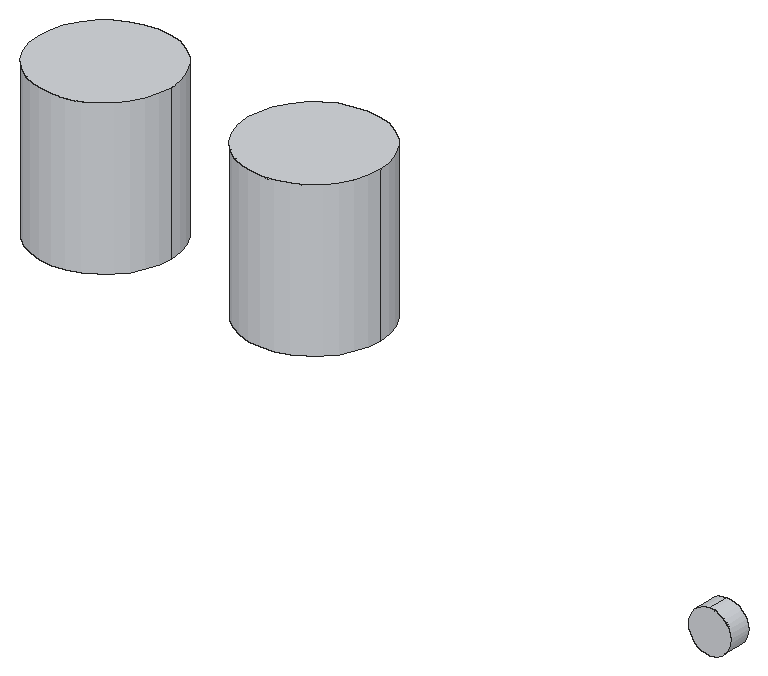
Revit family "MBH7_001_BIM", category HLS-Bauteile, Revit 2018
Family settings
  Bemaßung runder Anschluss = Durchmesser verwenden
  Klassifizierung = Keine
  Teiletyp = Normal
  OmniClass-Nummer = 23.65.35.11.14
  OmniClass-Titel = Instantaneous Water Heaters
  Arbeitsebenenbasiert = Nein
  Immer vertikal = Ja
  Beim Laden mit Abzugskörper schneiden = Nein
  Gemeinsam genutzt = Nein
  Raumberechnungspunkt = Nein
Parameters (values of type "Norm")
  Verbindung_2_Durchmesser = 0 mm
  Verbindung_1_Durchmesser = 0 mm
  URL = "https://www.clage.de/de/Produkte/E-Kleindurchlauferhitzer/MBH"
  Modell = "MBH"
  Hersteller = "Clage GmbH"
  Beschreibung = "E-Kleindurchlauferhitzer"
Reference planes
  plane 1 "Mitte (Vorne/Hinten)": y = 0
  plane 2: z = 0
  plane 3 "Mitte (Links/Rechts)": x = 0
Forms (mm)
  Extrusion 1, solid
    sketch origin (-15, -7.5, 86.997) x (1, 0, 0) y (0, 1, 0)
      loop
        circle (0, 0) r 9.525
    from 0 to -22.053
  Extrusion 2, solid
    sketch origin (15, -7.5, 86.997) x (1, 0, 0) y (0, 1, 0)
      loop
        circle (0, 0) r 9.525
    from 0 to -22.053
  Extrusion 3, solid
    sketch origin (63.017, 6.6, 36.189) x (0, 0, 1) y (1, 0, 0)
      loop
        circle (0, 0) r 3.048
    from 0 to -3.048
Dimensions and locks
  aligned and locked: level to plane 2
Connectors
  piping at (-15, -7.5, 86.997), diameter 9.5
    settings: on Extrusion 1, index 1, connector inside diameter 609.6 mm, connector length 0 mm, flow factor 0, pipe flow 3.7 L/s, pressure drop 134000.0 Pa, fitting loss kfactor 0, connector angle 0.00°, fixture units 0, engagement length 0 mm, angle of deflection 0.00°, flow configuration 1, flow direction 1, fitting loss method 4, system type 20, joint type 0, gender type 0, connector reference index -1, connector utility 0, adjustable connector no, is connector primary yes, connector description ""
  piping at (15, -7.5, 86.997), diameter 9.5
    settings: on Extrusion 2, index 2, connector inside diameter 609.6 mm, connector length 0 mm, flow factor 0, pipe flow 3.7 L/s, pressure drop 134000.0 Pa, fitting loss kfactor 0, connector angle 0.00°, fixture units 0, engagement length 0 mm, angle of deflection 0.00°, flow configuration 1, flow direction 2, fitting loss method 4, system type 19, joint type 0, gender type 0, connector reference index -1, connector utility 0, adjustable connector no, is connector primary no, connector description ""
  electrical at (63.017, 6.6, 36.189)
    settings: on Extrusion 3, index 3, voltage 400 V, apparent load 0 VA, apparent load phase1 0 VA, apparent load phase2 0 VA, apparent load phase3 0 VA, power factor 0, load classification "Sonstige", number of poles 2, system type 30, power factor state 1, is connector primary yes, connector utility no, sub classification motor no, connector description ""
